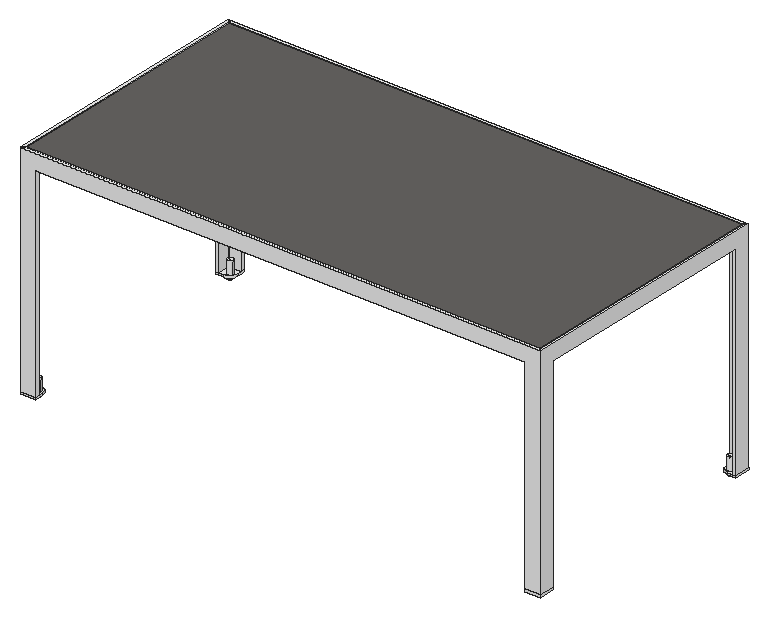
Revit family "Table-Multi_Use-Teknion-PRBF-R2014", category Furniture, Revit 2014
Parameters (values of type "(See Type Catalog)")
  Width = 67 39/128"
  Warranty = "http://www.teknionstudio.com/pdfs/Teknion%20Studio%20Warranty.pdf"
  Unit Weight = 0.00 lbf
  URL = "www.teknionstudio.com"
  Table Top Finish = Veneer - Teknion - P7 - Grey Oak
  Series = "B&B Italia"
  Product Page URL = "http://www.teknionstudio.com/progetto1/"
  Product Line = "Progetto"
  Product Documentation Link = "http://www.teknionstudio.com/pricing/progetto_ppg.pdf"
  Part Number = "PRBF"
  Model = ""
  Manufacturer Phone = "919-464-2920"
  Manufacturer Fax = "919-464-2927"
  Manufacturer Email = "customersupport@teknionstudio.com"
  Manufacturer Address = "3940 US 70 Business HWY West, Clayton, NC 27520"
  Manufacturer = "StudioTK"  # constant formula
  Low Emitting Material = yes
  Low Emitting Finish = yes
  Interior Frame Finish = none
  Height = 28 119/128"
  Foot Offset = if(Adjustable Foot, 5/8", 1/4")  # 5/8"
  Fixed Foot = not(Adjustable Foot)  # no
  Exterior Frame Finish = Metal - Teknion - C6 - Chrome
  Description = ""
  Depth = 33 41/64"
  Assembly Code = "E2020200"
  Adjustable Foot = yes
Reference planes (in)
  plane 1 "Center F/B": y = 0
  plane 2: z = 0
  plane 3 "Center L/R": x = 0
  plane 4 "Left": x = -33.65234
  plane 5 "Right": x = 33.65234
  plane 6 "Back": y = 16.82031
  plane 7 "Front": y = -16.82031
  plane 8 "Top": z = 28.92969
  plane 9: z = 0.625
  plane 10 "Revolve Front": y = -15.54874
  plane 11 "Revolve Back": y = 15.54874
  plane 12: z = 28.52344
Forms (in)
  Sweep 1, solid, material "Veneer - Teknion - P7 - Grey Oak" <- "Table Top Finish"
    path origin (0, 0, 28.92969) x (-1, 0, 0) y (0, -1, 0)
      loop
        line (33.25093, 0) -> (-33.25093, 0)
    profile origin (0, 0, 28.92969) x (0, 1, 0) y (0, 0, 1)
      loop
        line (16.4189, 0) -> (-16.4189, 0) -> (-16.4189, -0.40625) -> (16.4189, -0.40625) -> (16.4189, 0)
  Sweep 2, solid, material "Metal - Teknion - C6 - Chrome" <- "Exterior Frame Finish"
    path origin (0, 0, 0) x (1, 0, 0) y (0, 0, 1)
      loop
        line (0, 28.92969) -> (0, 0.625)
    profile origin (0, 0, 14.77734) x (0, -1, 0) y (1, 0, 0)
      loop
        line (-14.79964, -33.25093) -> (-16.32061, -33.25093) -> (-16.72202, -33.65234) -> (-14.79964, -33.65234) -> (-14.79964, -33.25093)
      loop
        line (-16.4189, -33.15264) -> (-16.4189, -31.63167) -> (-16.82031, -31.63167) -> (-16.82031, -33.55406) -> (-16.4189, -33.15264)
      loop
        line (-14.79964, 33.25093) -> (-14.79964, 33.65234) -> (-16.72202, 33.65234) -> (-16.32061, 33.25093) -> (-14.79964, 33.25093)
      loop
        line (-16.4189, 33.15264) -> (-16.82031, 33.55406) -> (-16.82031, 31.63167) -> (-16.4189, 31.63167) -> (-16.4189, 33.15264)
      loop
        line (14.79964, 33.25093) -> (16.32061, 33.25093) -> (16.72202, 33.65234) -> (14.79964, 33.65234) -> (14.79964, 33.25093)
      loop
        line (16.4189, 33.15264) -> (16.4189, 31.63167) -> (16.82031, 31.63167) -> (16.82031, 33.55406) -> (16.4189, 33.15264)
      loop
        line (14.79964, -33.25093) -> (14.79964, -33.65234) -> (16.72202, -33.65234) -> (16.32061, -33.25093) -> (14.79964, -33.25093)
      loop
        line (16.4189, -33.15264) -> (16.82031, -33.55406) -> (16.82031, -31.63167) -> (16.4189, -31.63167) -> (16.4189, -33.15264)
  Sweep 3, solid, material "Metal - Teknion - C6 - Chrome" <- "Exterior Frame Finish"
    path origin (0, 0, 28.92969) x (-1, 0, 0) y (0, -1, 0)
      loop
        line (0, 14.79964) -> (0, -14.79964)
    profile origin (0, 0, 28.92969) x (-1, 0, 0) y (0, 0, 1)
      loop
        line (33.65234, 0) -> (33.25093, 0) -> (33.25093, -1.9685) -> (33.65234, -1.9685) -> (33.65234, 0)
      loop
        line (-33.65234, 0) -> (-33.65234, -1.9685) -> (-33.25093, -1.9685) -> (-33.25093, 0) -> (-33.65234, 0)
  Sweep 4, solid, material "Metal - Teknion - C6 - Chrome" <- "Exterior Frame Finish", visible <- "Adjustable Foot"
    path origin (0, 0, 0) x (1, 0, 0) y (0, 0, 1)
      loop
        line (0, 0.376) -> (0, 0.625)
    profile origin (0, 0, 0.5005) x (-1, 0, 0) y (0, -1, 0)
      loop
        line (33.65234, -16.82031) -> (33.65234, -14.79964) -> (32.63167, -14.79964)
        arc (32.63167, -14.79964) -> (31.92457, -15.09254) -> (31.63167, -15.79964) r 1
        line (31.63167, -15.79964) -> (31.63167, -16.82031) -> (33.65234, -16.82031)
      loop
        line (-33.65234, -16.82031) -> (-31.63167, -16.82031) -> (-31.63167, -15.79964)
        arc (-31.63167, -15.79964) -> (-31.92457, -15.09254) -> (-32.63167, -14.79964) r 1
        line (-32.63167, -14.79964) -> (-33.65234, -14.79964) -> (-33.65234, -16.82031)
      loop
        line (-33.65234, 16.82031) -> (-33.65234, 14.79964) -> (-32.63167, 14.79964)
        arc (-32.63167, 14.79964) -> (-31.92457, 15.09254) -> (-31.63167, 15.79964) r 1
        line (-31.63167, 15.79964) -> (-31.63167, 16.82031) -> (-33.65234, 16.82031)
      loop
        line (33.65234, 16.82031) -> (31.63167, 16.82031) -> (31.63167, 15.79964)
        arc (31.63167, 15.79964) -> (31.92457, 15.09254) -> (32.63167, 14.79964) r 1
        line (32.63167, 14.79964) -> (33.65234, 14.79964) -> (33.65234, 16.82031)
  Revolve 5, solid, material "Metal - Teknion - C6 - Chrome" <- "Exterior Frame Finish", visible <- "Adjustable Foot"
    sketch origin (0, -15.54874, 0) x (1, 0, 0) y (0, 0, 1)
      loop
        line (-32.00667, 2.17054) -> (-32.38167, 2.17054) -> (-32.38167, 0) -> (-32.06917, 0) -> (-32.06917, 0.126) -> (-32.00667, 0.126) -> (-32.00667, 2.17054)
      axis (-32.38167, 0) -> (-32.38167, 2.17054)
    angle from 0 to 360
  Sweep 6, solid, material "Metal - Teknion - C6 - Chrome" <- "Exterior Frame Finish", visible <- "Adjustable Foot"
    path origin (0, -15.54874, 0) x (1, 0, 0) y (0, 0, 1)
      loop
        line (0, 0.376) -> (0, 0.625)
    profile origin (0, -15.54874, 0.5005) x (-1, 0, 0) y (0, -1, 0)
      loop
        line (31.63167, -31.96763) -> (31.63167, -32.36905) -> (33.65234, -32.36905) -> (33.65234, -30.34838) -> (33.25093, -30.34838) -> (33.25093, -31.96763) -> (31.63167, -31.96763)
      loop
        line (-31.63167, -32.36905) -> (-31.63167, -31.96763) -> (-33.25093, -31.96763) -> (-33.25093, -30.34838) -> (-33.65234, -30.34838) -> (-33.65234, -32.36905) -> (-31.63167, -32.36905)
      loop
        line (-33.65234, -0.74909) -> (-33.25093, -0.74909) -> (-33.25093, 0.87016) -> (-31.63167, 0.87016) -> (-31.63167, 1.27158) -> (-33.65234, 1.27158) -> (-33.65234, -0.74909)
      loop
        line (31.63167, 1.27158) -> (31.63167, 0.87016) -> (33.25093, 0.87016) -> (33.25093, -0.74909) -> (33.65234, -0.74909) -> (33.65234, 1.27158) -> (31.63167, 1.27158)
  Sweep 7, solid, material "Metal - Teknion - C6 - Chrome" <- "Exterior Frame Finish"
    path origin (0, 0, 28.92969) x (0, 1, 0) y (-1, 0, 0)
      loop
        line (0, 31.63167) -> (0, -31.63167)
    profile origin (0, 0, 28.92969) x (0, 1, 0) y (0, 0, 1)
      loop
        line (16.82031, 0) -> (16.4189, 0) -> (16.4189, -1.9685) -> (16.82031, -1.9685) -> (16.82031, 0)
      loop
        line (-16.82031, 0) -> (-16.82031, -1.9685) -> (-16.4189, -1.9685) -> (-16.4189, 0) -> (-16.82031, 0)
  Revolve 8, solid, material "Metal - Teknion - C6 - Chrome" <- "Exterior Frame Finish", visible <- "Adjustable Foot"
    sketch origin (0, -15.54874, 0) x (-1, 0, 0) y (0, 0, 1)
      loop
        line (-32.00667, 2.17054) -> (-32.38167, 2.17054) -> (-32.38167, 0) -> (-32.06917, 0) -> (-32.06917, 0.125) -> (-32.00667, 0.125) -> (-32.00667, 2.17054)
      axis (-32.38167, 0) -> (-32.38167, 2.17054)
    angle from 0 to 360
  Revolve 9, solid, material "Metal - Teknion - C6 - Chrome" <- "Exterior Frame Finish", visible <- "Adjustable Foot"
    sketch origin (0, 15.54874, 0) x (1, 0, 0) y (0, 0, 1)
      loop
        line (-32.00667, 2.17054) -> (-32.38167, 2.17054) -> (-32.38167, 0) -> (-32.06917, 0) -> (-32.06917, 0.126) -> (-32.00667, 0.126) -> (-32.00667, 2.17054)
      axis (-32.38167, 0) -> (-32.38167, 2.17054)
    angle from 0 to 360
  Revolve 10, solid, material "Metal - Teknion - C6 - Chrome" <- "Exterior Frame Finish", visible <- "Adjustable Foot"
    sketch origin (0, 15.54874, 0) x (1, 0, 0) y (0, 0, 1)
      loop
        line (32.00667, 2.17054) -> (32.00667, 0.126) -> (32.06917, 0.126) -> (32.06917, 0) -> (32.38167, 0) -> (32.38167, 2.17054) -> (32.00667, 2.17054)
      axis (32.38167, 0) -> (32.38167, 2.17054)
    angle from 0 to 360
  Sweep 11, solid, material <- "Interior Frame Finish"
    path origin (0, -15.54874, 0) x (1, 0, 0) y (0, 0, 1)
      loop
        line (0, 28.52344) -> (0, 26.96118)
    profile origin (0, -15.54874, 27.74231) x (0, -1, 0) y (1, 0, 0)
      loop
        line (-31.96763, -33.25093) -> (0.87016, -33.25093) -> (0.87016, 33.25093) -> (-31.96763, 33.25093) -> (-31.96763, -33.25093)
      loop
        line (0.46875, -32.84951) -> (0.46875, -0.20071) -> (-31.56622, -0.20071) -> (-31.56622, -32.84951) -> (0.46875, -32.84951)
      loop
        line (-31.56622, 32.84951) -> (-31.56622, 0.20071) -> (0.46875, 0.20071) -> (0.46875, 32.84951) -> (-31.56622, 32.84951)
  Sweep 12, solid, material "Metal - Teknion - C6 - Chrome" <- "Exterior Frame Finish", visible <- "Fixed Foot"
    path origin (79.09286, -15.54874, 0) x (1, 0, 0) y (0, 0, 1)
      loop
        line (-79.09286, 0.376) -> (-79.09286, 0.625)
    profile origin (0, -15.54874, 0.5005) x (-1, 0, 0) y (0, -1, 0)
      loop
        line (31.63167, -31.96763) -> (31.63167, -32.36905) -> (33.65234, -32.36905) -> (33.65234, -30.34838) -> (33.25093, -30.34838) -> (33.25093, -31.96763) -> (31.63167, -31.96763)
      loop
        line (-31.63167, -32.36905) -> (-31.63167, -31.96763) -> (-33.25093, -31.96763) -> (-33.25093, -30.34838) -> (-33.65234, -30.34838) -> (-33.65234, -32.36905) -> (-31.63167, -32.36905)
      loop
        line (-33.65234, -0.74909) -> (-33.25093, -0.74909) -> (-33.25093, 0.87016) -> (-31.63167, 0.87016) -> (-31.63167, 1.27158) -> (-33.65234, 1.27158) -> (-33.65234, -0.74909)
      loop
        line (31.63167, 1.27158) -> (31.63167, 0.87016) -> (33.25093, 0.87016) -> (33.25093, -0.74909) -> (33.65234, -0.74909) -> (33.65234, 1.27158) -> (31.63167, 1.27158)
Cuts and joins
  joined: Sweep 4, Revolve 5, Sweep 6, Revolve 8, Revolve 9, Revolve 10
  joined: Sweep 2, Sweep 3, Sweep 7
Lines and regions (in)
  Masking region 1
    outline origin (0, 0, 28.92969) x (-1, 0, 0) y (0, -1, 0)
      loop
        line (33.65234, -16.82031) -> (33.65234, 16.82031) -> (-33.65234, 16.82031) -> (-33.65234, -16.82031) -> (33.65234, -16.82031)
  symbolic lines, detail levels medium+fine
    curve 1: line (33.25093, 16.4189, 28.92969) -> (-33.25093, 16.4189, 28.92969)
    curve 2: line (-33.25093, 16.4189, 28.92969) -> (-33.25093, -16.4189, 28.92969)
    curve 3: line (-33.25093, -16.4189, 28.92969) -> (33.25093, -16.4189, 28.92969)
    curve 4: line (33.25093, -16.4189, 28.92969) -> (33.25093, 16.4189, 28.92969)
  symbolic lines, style "FurnitureHiddenLines", detail levels fine
    curve 5: line (-32.84951, 16.01748, 28.92969) -> (-0.20071, 16.01748, 28.92969)
    curve 6: line (-0.20071, 16.01748, 28.92969) -> (-0.20071, -16.01748, 28.92969)
    curve 7: line (-0.20071, -16.01748, 28.92969) -> (-32.84951, -16.01748, 28.92969)
    curve 8: line (-32.84951, -16.01748, 28.92969) -> (-32.84951, 16.01748, 28.92969)
    curve 9: line (0.20071, 16.01748, 28.92969) -> (32.84951, 16.01748, 28.92969)
    curve 10: line (32.84951, 16.01748, 28.92969) -> (32.84951, -16.01748, 28.92969)
    curve 11: line (32.84951, -16.01748, 28.92969) -> (0.20071, -16.01748, 28.92969)
    curve 12: line (0.20071, -16.01748, 28.92969) -> (0.20071, 16.01748, 28.92969)
Dimensions and locks (in)
  equal spacing: plane 4 "Left", plane 3 "Center L/R", plane 5 "Right"
  equal spacing: plane 6 "Back", plane 1 "Center F/B", plane 7 "Front"
  locked: Sweep 1 sketch curve to plane 5 "Right" at 0.40142
  locked: plane 4 "Left" to Sweep 1 sketch curve at 0.40142
  locked: plane 6 "Back" to Sweep 1 sketch curve at 0.40142
  locked: Sweep 1 sketch curve to plane 7 "Front" at 0.40142
  locked: plane 4 "Left" to Sweep 2 sketch curve at 2.02067  (x2)
  locked: Sweep 2 sketch curve to plane 7 "Front" at 2.02067
  locked: plane 4 "Left" to Sweep 2 sketch curve at 0.40142  (x2)
  locked: plane 7 "Front" to Sweep 2 sketch curve at 0.40142
  locked: Sweep 2 sketch curve to plane 7 "Front" at 0.40142
  locked: Sweep 2 sketch curve to plane 5 "Right" at 0.40142  (x2)
  locked: plane 7 "Front" to Sweep 2 sketch curve at 2.02067
  locked: Sweep 2 sketch curve to plane 5 "Right" at 2.02067  (x2)
  locked: plane 9 to Sweep 4 sketch curve at 0.249
  "Width": plane 4 "Left" to plane 5 "Right"
  "Depth": plane 6 "Back" to plane 7 "Front"
  locked: plane 4 "Left" to Sweep 4 sketch curve at 1.02067  (x2)
  locked: plane 6 "Back" to Sweep 4 sketch curve at 1.02067  (x2)
  locked: Sweep 4 sketch curve to plane 5 "Right" at 1.02067  (x2)
  locked: plane 7 "Front" to Sweep 4 sketch curve at 1.02067  (x2)
  locked: Revolve 5 sketch curve to Revolve 5 sketch curve at 0.375
  locked: Revolve 5 sketch curve to Revolve 5 sketch curve at 0.3125
  locked: plane 6 "Back" to Sweep 2 sketch curve at 2.02067
  locked: Sweep 2 sketch curve to plane 6 "Back" at 0.40142
  locked: plane 6 "Back" to Sweep 2 sketch curve at 0.40142
  locked: Sweep 2 sketch curve to plane 6 "Back" at 2.02067
  locked: Revolve 5 sketch curve to plane 4 "Left" at 1.27067
  locked: Revolve 5 sketch curve to plane 2 at 2.17054
  locked: plane 7 "Front" to plane 10 "Revolve Front" at 1.27158
  locked: plane 6 "Back" to plane 11 "Revolve Back" at 1.27158
  locked: plane 9 to Sweep 6 sketch curve at 0.249
  "Foot Offset": plane 9 to plane 2
  locked: plane 4 "Left" to Sweep 3 sketch curve at 0.40142
  locked: plane 8 "Top" to Sweep 3 sketch curve at 1.9685  (x2)
  locked: Sweep 3 sketch curve to plane 5 "Right" at 0.40142
  locked: plane 6 "Back" to Sweep 7 sketch curve at 0.40142
  locked: plane 8 "Top" to Sweep 7 sketch curve at 1.9685
  locked: Sweep 7 sketch curve to plane 7 "Front" at 0.40142
  locked: Sweep 7 sketch curve to plane 8 "Top" at 1.9685
  locked: plane 7 "Front" to Sweep 3 sketch curve at 2.02067
  locked: plane 6 "Back" to Sweep 3 sketch curve at 2.02067
  locked: plane 4 "Left" to Sweep 7 sketch curve at 2.02067
  locked: Sweep 7 sketch curve to plane 5 "Right" at 2.02067
  locked: Revolve 8 sketch curve to Revolve 8 sketch curve at 0.375
  locked: Revolve 8 sketch curve to Revolve 8 sketch curve at 0.3125
  locked: plane 5 "Right" to Revolve 8 sketch curve at 1.27067
  locked: Revolve 8 sketch curve to plane 2 at 2.17054
  locked: Revolve 9 sketch curve to Revolve 9 sketch curve at 0.375
  locked: Revolve 9 sketch curve to Revolve 9 sketch curve at 0.3125
  locked: Revolve 10 sketch curve to Revolve 10 sketch curve at 0.375
  locked: Revolve 10 sketch curve to Revolve 10 sketch curve at 0.3125
  locked: Revolve 9 sketch curve to plane 4 "Left" at 1.27067
  locked: Revolve 9 sketch curve to plane 2 at 2.17054
  locked: plane 5 "Right" to Revolve 10 sketch curve at 1.27067
  locked: Revolve 10 sketch curve to plane 2 at 2.17054
  "Height": plane 8 "Top" to plane 2
  locked: plane 8 "Top" to plane 12 at 0.40625
  locked: plane 12 to Sweep 11 sketch curve at 1.56225
  Sweep 11 sketch curve to plane 3 "Center L/R" to Sweep 11 sketch curve = 0.20071" locked, 0.20071" locked
  plane 4 "Left" to Sweep 11 sketch curve to Sweep 11 sketch curve = 0.40142" locked, 0.40142" locked
  Sweep 11 sketch curve to Sweep 11 sketch curve to plane 7 "Front" = 0.40142" locked, 0.40142" locked
  Sweep 11 sketch curve to Sweep 11 sketch curve to plane 5 "Right" = 0.40142" locked, 0.40142" locked
  Sweep 11 sketch curve to Sweep 11 sketch curve to plane 6 "Back" = 0.40142" locked, 0.40142" locked
  locked: Sweep 2 sketch curve to Sweep 2 sketch curve at 0.139  (x4)
  locked: Revolve 5 sketch curve to plane 2 at 0.126
  locked: Revolve 9 sketch curve to plane 2 at 0.126
  locked: Revolve 8 sketch curve to plane 2 at 0.125
  locked: Revolve 10 sketch curve to plane 2 at 0.126
  locked: plane 9 to Sweep 12 sketch curve at 0.249
  locked: Sweep 12 sketch curve to plane 6 "Back" at 0.40142
  locked: plane 4 "Left" to Sweep 12 sketch curve at 0.40142  (x2)
  locked: Sweep 12 sketch curve to plane 6 "Back" at 2.02067
  locked: plane 4 "Left" to Sweep 12 sketch curve at 2.02067  (x2)
  locked: Sweep 12 sketch curve to plane 7 "Front" at 0.40142  (x2)
  locked: Sweep 12 sketch curve to plane 7 "Front" at 2.02067  (x2)
  locked: Sweep 12 sketch curve to plane 5 "Right" at 2.02067  (x2)
  locked: Sweep 12 sketch curve to plane 5 "Right" at 0.40142  (x2)
  locked: plane 6 "Back" to Sweep 12 sketch curve at 2.02067
  locked: plane 6 "Back" to Sweep 12 sketch curve at 0.40142
  aligned and locked: level to plane 2
  aligned and locked: plane 1 "Center F/B" to Sweep 1 sketch curve
  aligned and locked: Sweep 1 sketch curve to plane 8 "Top"
  aligned and locked: plane 8 "Top" to Sweep 2 sketch curve
  aligned and locked: plane 9 to Sweep 2 sketch curve
  aligned and locked: Sweep 2 sketch curve to plane 3 "Center L/R"
  aligned and locked: plane 4 "Left" to Sweep 2 sketch curve  (x2)
  aligned and locked: Sweep 2 sketch curve to plane 6 "Back"
  aligned and locked: plane 6 "Back" to Sweep 2 sketch curve
  aligned and locked: Sweep 2 sketch curve to plane 5 "Right"
  aligned and locked: Sweep 2 sketch curve to plane 7 "Front"
  aligned and locked: plane 5 "Right" to Sweep 2 sketch curve
  aligned and locked: plane 7 "Front" to Sweep 2 sketch curve
  aligned and locked: plane 3 "Center L/R" to Sweep 4 sketch curve
  aligned and locked: plane 9 to Sweep 4 sketch curve
  aligned and locked: Sweep 4 sketch curve to plane 4 "Left"
  aligned and locked: Sweep 4 sketch curve to plane 6 "Back"
  aligned and locked: Sweep 4 sketch curve to plane 7 "Front"  (x2)
  aligned and locked: plane 4 "Left" to Sweep 4 sketch curve
  aligned and locked: plane 5 "Right" to Sweep 4 sketch curve
  aligned and locked: Sweep 4 sketch curve to plane 5 "Right"
  aligned and locked: plane 6 "Back" to Sweep 4 sketch curve
  aligned and locked: Revolve 5 sketch curve to Revolve 5 sketch curve
  aligned and locked: plane 3 "Center L/R" to Sweep 6 sketch curve
  aligned and locked: plane 9 to Sweep 6 sketch curve
  aligned and locked: Sweep 6 sketch curve to Sweep 2  (x24)
  aligned and locked: plane 3 "Center L/R" to Sweep 3 sketch curve
  aligned and locked: plane 4 "Left" to Sweep 3 sketch curve
  aligned and locked: Sweep 3 sketch curve to plane 8 "Top"
  aligned and locked: plane 5 "Right" to Sweep 3 sketch curve
  aligned and locked: plane 8 "Top" to Sweep 3 sketch curve
  aligned and locked: plane 1 "Center F/B" to Sweep 7 sketch curve
  aligned and locked: Sweep 7 sketch curve to plane 8 "Top"
  aligned and locked: Sweep 7 sketch curve to plane 6 "Back"
  aligned and locked: plane 7 "Front" to Sweep 7 sketch curve
  aligned and locked: plane 8 "Top" to Sweep 7 sketch curve
  aligned and locked: Revolve 8 sketch curve to Revolve 8 sketch curve
  aligned and locked: plane 2 to Revolve 8 sketch curve
  aligned and locked: Revolve 9 sketch curve to Revolve 9 sketch curve
  aligned and locked: Revolve 10 sketch curve to Revolve 10 sketch curve
  aligned and locked: plane 2 to Revolve 10 sketch curve
  aligned and locked: Sweep 1 sketch curve to plane 12
  aligned and locked: plane 12 to Sweep 11 sketch curve
  aligned and locked: Sweep 11 sketch curve to plane 3 "Center L/R"
  aligned and locked: Masking region 1 sketch curve to plane 6 "Back"
  aligned and locked: Masking region 1 sketch curve to plane 7 "Front"
  aligned and locked: Masking region 1 sketch curve to plane 5 "Right"
  aligned and locked: plane 4 "Left" to Masking region 1 sketch curve
  aligned and locked: curve 1 to Sweep 1
  aligned and locked: curve 2 to Sweep 1
  aligned and locked: curve 3 to Sweep 1
  aligned and locked: curve 4 to Sweep 1
  aligned and locked: curve 5 to Sweep 11
  aligned and locked: curve 6 to Sweep 11
  aligned and locked: curve 7 to Sweep 11
  aligned and locked: curve 8 to Sweep 11
  aligned and locked: curve 9 to Sweep 11
  aligned and locked: curve 10 to Sweep 11
  aligned and locked: curve 11 to Sweep 11
  aligned and locked: curve 12 to Sweep 11
  aligned and locked: plane 3 "Center L/R" to Sweep 12 sketch curve
  aligned and locked: plane 9 to Sweep 12 sketch curve
  aligned and locked: Sweep 12 sketch curve to plane 4 "Left"  (x2)
  aligned and locked: plane 6 "Back" to Sweep 12 sketch curve  (x2)
  aligned and locked: Sweep 12 sketch curve to plane 7 "Front"
  aligned and locked: plane 5 "Right" to Sweep 12 sketch curve  (x2)
  aligned and locked: plane 7 "Front" to Sweep 12 sketch curve
Automatic sketch dimensions
  Sweep 4 sketch curve to Sweep 4 sketch curve = 1"  (x4)
  Revolve 5 sketch curve to level = 0"
  Revolve 5 sketch curve to Revolve 5 sketch curve = 0.28131"
  Revolve 5 sketch curve to Revolve 5 sketch curve = 0.04815"
  Revolve 9 sketch curve to level = 0"
  Revolve 9 sketch curve to Revolve 9 sketch curve = 0.28131"
  Revolve 9 sketch curve to Revolve 9 sketch curve = 0.04815"
  Revolve 10 sketch curve to Revolve 10 sketch curve = 0.28131"
  Revolve 10 sketch curve to Revolve 10 sketch curve = 0.04815"
  Sweep 11 sketch curve to Sweep 11 sketch curve = 0"  (x2)
  Sweep 2 sketch curve to Sweep 2 sketch curve = 0.09829"  (x8)
  level to Revolve 8 sketch curve = 0.28131"
  Revolve 8 sketch curve to Revolve 8 sketch curve = 0.04815"
